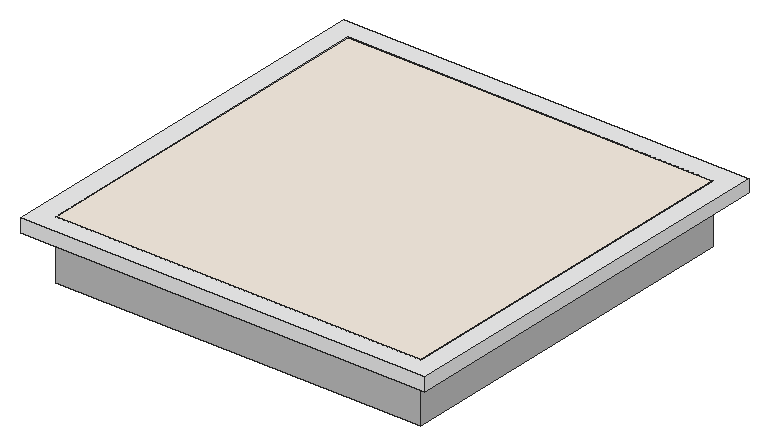
Revit family "Lighting-Terziario-GEWISS-ELIA-PL-LED_INCASSO", category Apparecchi per illuminazione, host Superficie, Revit 2019
Family settings
  Host = Superficie
  Quota connettore circolare = Usa diametro
  Tipo di parte = Normale
  Taglio con vuoti quando caricato = No
  Sorgente d'illuminazione = Sì
  Condiviso = No
  Punto di calcolo locali = Sì
Parameters (values of type "GWF1611NN940 - ELIA PL M3 MICROP.40K DALI CRI90")
  corpo centrale = corpo centrale
  Wattage = 9.2903 W
  Visibilità etichetta [instance] = yes
  Visibilità simbolo [instance] = yes
  Visibilità lampada in pianta [instance] = yes
  Versione file RFA = "20.0"
  Variazione temperatura colore lampada con luminosità attenuata = <Nessuno>
  URL = "https://www.gewiss.com/it/it"
  UGR: = "UGR<19"
  Tipologia sorgente luminosa = "LED - Non sostituibile"
  Tipologia = "Incasso modulare"
  Tipo lampada = "LED"
  Tipo alimentatore = ""
  Tensione = "220-240 V "
  Temperatura di utilizzo = "-20° +45°"
  Temperatura di funzionamento = "-20° +45°"
  Temperatura di colore: = "4000K"
  Temperatura di colore = "4000K"
  built-in parameter 1150107 = 3200 (stored number, unit not read)
  Spostamento_x_effettivo [instance] = 4000 mm - Spostamento_x  # 4000 mm
  Spostamento_x [instance] = 0 mm
  Spostamento_y_effettivo [instance] = 4000 mm - Spostamento_y  # 3300 mm
  Spostamento_y [instance] = 700 mm
  Scheda Tecnica = "https://www.gewiss.com/it/it/search?q=GWF1611NN940"
  SEO = "Incasso modulare"
  SCHERMO LED = SCHERMO LED
  Resistenza agli urti = "IK03"
  Potenza di sistema = "33W"
  Peso (kg): = "2,6"
  Peso (kg) = "2,6"
  built-in parameter 1150110 = 1 (stored number, unit not read)
  built-in parameter 1150109 = 1 (stored number, unit not read)
  built-in parameter 1114218 = 1 (stored number, unit not read)
  built-in parameter 1150112 = 1 (stored number, unit not read)
  POSIZIONE = 80000  # constant formula
  Ottica = "Microprismato"
  built-in parameter 1150137 = (empty or 0)
  built-in parameter 1150132 = (empty or 0)
  Lumen output (lm) = "3300"
  Larghezza lampada = 620 mm
  Lunghezza lampada = 620 mm
  Lampada: = "LED"
  LED Life time (L80B50) = "L80 B50 (Tq25°) = 50.000h"
  built-in parameter 1150105 = 109.82 (stored number, unit not read)
  built-in parameter 1150102 = (empty or 0)
  Installazione = "Incasso modulare"
  built-in parameter 1150106 = 1.0982 (stored number, unit not read)
  Default Elevation = 1219.2 mm
  Produttore = "GEWISS S.p.A."
  Nome quadro [instance] = "330W"
  Modello = "GWF1611NN940"
  L_lampada = 1500 mm
  Immagine tipo = ELIA_PL_q.jpg
  IDT = "4c6a4f10-3f0b-4303-adcc-d543444cbb8d"
  IDF = "6d914e3b-5f92-4411-bf6e-4fbd694a4409"
  Grado di protezione = "IP20 - IP40"
  Garanzia = "5 anni"
  Flusso luminoso in emergenza (lm) = ""
  Lumens = 1380 lm
  Color Filter = 16777215
  File diagramma fotometrico = "GWF1611NN940.IES"
  built-in parameter 1114217 = 1 (stored number, unit not read)
  built-in parameter 1150139 = (empty or 0)
  FORO_CONTROSOFFITTO = 80 mm  # constant formula
  Emit from Line Length = 609.6 mm
  built-in parameter 1150104 = 13.8 (stored number, unit not read)
  Distanza dal host [instance] = 0 mm
  built-in parameter 1150115 = 1 (stored number, unit not read)
  built-in parameter 1150114 = 1 (stored number, unit not read)
  built-in parameter 1150113 = 1 (stored number, unit not read)
  Dimensioni (mm) = "62x62"
  Descrizione = "ELIA PL M3 MICROP.40K DALI CRI90"
  Creato da GEWISS S.p.A. = ""
  built-in parameter 1150134 = 3
  built-in parameter 1150138 = (empty or 0)
  Colore = "Bianco"
  Codice Electrocod = ""
  Codice EAN = ""
  Classe isolamento = "II"
  Classe di efficienza LED integrati = ""
  Catalogo Serie = "ELIA PL"
  Catalogo = "LIGHTING"
  COBie.Tagnumber = ""
  COBie.CreatedOn = ""
  COBie.CreatebBy = ""
  COBie.ComponentRegisterItemID = ""
  COBie.Component.TagNumber = ""
  COBie.Component.Space = ""
  COBie.Component.SerialNumber = ""
  COBie.Component.InstallationDate = ""
  COBie.Component.Description = ""
  COBie.Component.BarCode = ""
  BORDO = BORDO
  Applicazione = "Interno"
  Tilt Angle = -90.00°
  built-in parameter 1150133 = 10 (stored number, unit not read)
Types (48, lengths in mm): name | UGR: | Temperatura di colore: | Temperatura di colore | Scheda Tecnica | Peso (kg): | Peso (kg) | Ottica | Lumen output (lm) | Larghezza lampada | Lunghezza lampada | Modello | Immagine tipo | IDT | File diagramma fotometrico | Dimensioni (mm) | Descrizione
  GWF1611LN830 - ELIA PL M1 MICROP.30K DALI CRI80 | "UGR<19" | "3000K" | "3000K" | "https://www.gewiss.com/it/it/search?q=GWF1611LN830" | "2,4" | "2,4" | "Microprismato" | "3300" | 300 | 1200 | "GWF1611LN830" | ELIA_PL_r.jpg | "72f4d622-981e-4ae0-88c5-de9fbfefd2f9" | "GWF1611LN830.IES" | "30x120" | "ELIA PL M1 MICROP.30K DALI CRI80"
  GWF1611LN930 - ELIA PL M1 MICROP.30K DALI CRI90 | "UGR<19" | "3000K" | "3000K" | "https://www.gewiss.com/it/it/search?q=GWF1611LN930" | "2,4" | "2,4" | "Microprismato" | "3000" | 300 | 1200 | "GWF1611LN930" | ELIA_PL_r.jpg | "b54e74e5-4979-4faa-a3b6-9c298bf6cffa" | "GWF1611LN930.IES" | "30x120" | "ELIA PL M1 MICROP.30K DALI CRI90"
  GWF1610LN830 - ELIA PL M1 MICROP.30K ON/OFF CRI80 | "UGR<19" | "3000K" | "3000K" | "https://www.gewiss.com/it/it/search?q=GWF1610LN830" | "2,4" | "2,4" | "Microprismato" | "3300" | 300 | 1200 | "GWF1610LN830" | ELIA_PL_r.jpg | "239ca7b0-603f-4688-94ad-8681d91ede28" | "GWF1610LN830.IES" | "30x120" | "ELIA PL M1 MICROP.30K ON/OFF CRI80"
  GWF1610LN930 - ELIA PL M1 MICROP.30K ON/OFF CRI90 | "UGR<19" | "3000K" | "3000K" | "https://www.gewiss.com/it/it/search?q=GWF1610LN930" | "2,4" | "2,4" | "Microprismato" | "3000" | 300 | 1200 | "GWF1610LN930" | ELIA_PL_r.jpg | "1c95a2c5-173e-4975-ad23-1c8ec5243fb5" | "GWF1610LN930.IES" | "30x120" | "ELIA PL M1 MICROP.30K ON/OFF CRI90"
  GWF1611LN840 - ELIA PL M1 MICROP.40K DALI CRI80 | "UGR<19" | "4000K" | "4000K" | "https://www.gewiss.com/it/it/search?q=GWF1611LN840" | "2,4" | "2,4" | "Microprismato" | "3600" | 300 | 1200 | "GWF1611LN840" | ELIA_PL_r.jpg | "414879d6-0dc6-45a6-b4b9-da79a268bacd" | "GWF1611LN840.IES" | "30x120" | "ELIA PL M1 MICROP.40K DALI CRI80"
  GWF1611LN940 - ELIA PL M1 MICROP.40K DALI CRI90 | "UGR<19" | "4000K" | "4000K" | "https://www.gewiss.com/it/it/search?q=GWF1611LN940" | "2,4" | "2,4" | "Microprismato" | "3300" | 300 | 1200 | "GWF1611LN940" | ELIA_PL_r.jpg | "2e0798d3-7b3f-41c2-95eb-bf9ff87590b3" | "GWF1611LN940.IES" | "30x120" | "ELIA PL M1 MICROP.40K DALI CRI90"
  GWF1610LN840 - ELIA PL M1 MICROP.40K ON/OFF CRI80 | "UGR<19" | "4000K" | "4000K" | "https://www.gewiss.com/it/it/search?q=GWF1610LN840" | "2,4" | "2,4" | "Microprismato" | "3600" | 300 | 1200 | "GWF1610LN840" | ELIA_PL_r.jpg | "1e2c872c-402b-4521-a7c6-7245e5216dca" | "GWF1610LN840.IES" | "30x120" | "ELIA PL M1 MICROP.40K ON/OFF CRI80"
  GWF1610LN940 - ELIA PL M1 MICROP.40K ON/OFF CRI90 | "UGR<19" | "4000K" | "4000K" | "https://www.gewiss.com/it/it/search?q=GWF1610LN940" | "2,4" | "2,4" | "Microprismato" | "3300" | 300 | 1200 | "GWF1610LN940" | ELIA_PL_r.jpg | "baf633ec-d199-4836-acb8-01535f644f62" | "GWF1610LN940.IES" | "30x120" | "ELIA PL M1 MICROP.40K ON/OFF CRI90"
  GWF1611LA830 - ELIA PL M1 OPAL 30K DALI CRI80 | "UGR<22" | "3000K" | "3000K" | "https://www.gewiss.com/it/it/search?q=GWF1611LA830" | "2,4" | "2,4" | "Opale diffondente" | "3700" | 300 | 1200 | "GWF1611LA830" | ELIA_PL_r.jpg | "4ad70d55-0be2-4fd8-b7ca-ca9dae02b802" | "GWF1611LA830.IES" | "30x120" | "ELIA PL M1 OPAL 30K DALI CRI80"
  GWF1611LA930 - ELIA PL M1 OPAL 30K DALI CRI90 | "UGR<22" | "3000K" | "3000K" | "https://www.gewiss.com/it/it/search?q=GWF1611LA930" | "2,4" | "2,4" | "Opale diffondente" | "3500" | 300 | 1200 | "GWF1611LA930" | ELIA_PL_r.jpg | "e51a4e74-16fc-4510-8e63-cb1554f2a9e1" | "GWF1611LA930.IES" | "30x120" | "ELIA PL M1 OPAL 30K DALI CRI90"
  GWF1610LA830 - ELIA PL M1 OPAL 30K ON/OFF CRI80 | "UGR<22" | "3000K" | "3000K" | "https://www.gewiss.com/it/it/search?q=GWF1610LA830" | "2,4" | "2,4" | "Opale diffondente" | "3700" | 300 | 1200 | "GWF1610LA830" | ELIA_PL_r.jpg | "93844e9d-7361-48ab-9020-5a4103f2c4d9" | "GWF1610LA830.IES" | "30x120" | "ELIA PL M1 OPAL 30K ON/OFF CRI80"
  GWF1610LA930 - ELIA PL M1 OPAL 30K ON/OFF CRI90 | "UGR<22" | "3000K" | "3000K" | "https://www.gewiss.com/it/it/search?q=GWF1610LA930" | "2,4" | "2,4" | "Opale diffondente" | "3500" | 300 | 1200 | "GWF1610LA930" | ELIA_PL_r.jpg | "d9c1a0fb-2941-493d-b902-7216f29dd99e" | "GWF1610LA930.IES" | "30x120" | "ELIA PL M1 OPAL 30K ON/OFF CRI90"
  GWF1611LA840 - ELIA PL M1 OPAL 40K DALI CRI80 | "UGR<22" | "4000K" | "4000K" | "https://www.gewiss.com/it/it/search?q=GWF1611LA840" | "2,4" | "2,4" | "Opale diffondente" | "3900" | 300 | 1200 | "GWF1611LA840" | ELIA_PL_r.jpg | "b505003b-30bf-4abe-bc16-d34724f793d9" | "GWF1611LA840.IES" | "30x120" | "ELIA PL M1 OPAL 40K DALI CRI80"
  GWF1611LA940 - ELIA PL M1 OPAL 40K DALI CRI90 | "UGR<22" | "4000K" | "4000K" | "https://www.gewiss.com/it/it/search?q=GWF1611LA940" | "2,4" | "2,4" | "Opale diffondente" | "3700" | 300 | 1200 | "GWF1611LA940" | ELIA_PL_r.jpg | "bd5ba0be-baad-4d03-a326-da1e8e31ecf8" | "GWF1611LA940.IES" | "30x120" | "ELIA PL M1 OPAL 40K DALI CRI90"
  GWF1610LA840 - ELIA PL M1 OPAL 40K ON/OFF CRI80 | "UGR<22" | "4000K" | "4000K" | "https://www.gewiss.com/it/it/search?q=GWF1610LA840" | "2,4" | "2,4" | "Opale diffondente" | "3900" | 300 | 1200 | "GWF1610LA840" | ELIA_PL_r.jpg | "1862d7c5-ebea-42a6-9366-bfffa14f0432" | "GWF1610LA840.IES" | "30x120" | "ELIA PL M1 OPAL 40K ON/OFF CRI80"
  GWF1610LA940 - ELIA PL M1 OPAL 40K ON/OFF CRI90 | "UGR<22" | "4000K" | "4000K" | "https://www.gewiss.com/it/it/search?q=GWF1610LA940" | "2,4" | "2,4" | "Opale diffondente" | "3700" | 300 | 1200 | "GWF1610LA940" | ELIA_PL_r.jpg | "5bad5249-5187-4a35-ac2a-e2be86f79325" | "GWF1610LA940.IES" | "30x120" | "ELIA PL M1 OPAL 40K ON/OFF CRI90"
  GWF1611MN830 - ELIA PL M2 MICROP.30K DALI CRI80 | "UGR<19" | "3000K" | "3000K" | "https://www.gewiss.com/it/it/search?q=GWF1611MN830" | "2,4" | "2,4" | "Microprismato" | "3300" | 595 | 595 | "GWF1611MN830" | ELIA_PL_q.jpg | "29422a00-ea95-4e48-9cbf-6c19c1753368" | "GWF1611MN830.IES" | "60x60" | "ELIA PL M2 MICROP.30K DALI CRI80"
  GWF1611MN930 - ELIA PL M2 MICROP.30K DALI CRI90 | "UGR<19" | "3000K" | "3000K" | "https://www.gewiss.com/it/it/search?q=GWF1611MN930" | "2,4" | "2,4" | "Microprismato" | "3000" | 595 | 595 | "GWF1611MN930" | ELIA_PL_q.jpg | "8e3fa227-acc7-480c-879b-7400b2442bef" | "GWF1611MN930.IES" | "60x60" | "ELIA PL M2 MICROP.30K DALI CRI90"
  GWF1610MN830 - ELIA PL M2 MICROP.30K ON/OFF CRI80 | "UGR<19" | "3000K" | "3000K" | "https://www.gewiss.com/it/it/search?q=GWF1610MN830" | "2,4" | "2,4" | "Microprismato" | "3300" | 595 | 595 | "GWF1610MN830" | ELIA_PL_q.jpg | "373a32ed-ca14-4b80-8334-d80a2d86ae7f" | "GWF1610MN830.IES" | "60x60" | "ELIA PL M2 MICROP.30K ON/OFF CRI80"
  GWF1610MN930 - ELIA PL M2 MICROP.30K ON/OFF CRI90 | "UGR<19" | "3000K" | "3000K" | "https://www.gewiss.com/it/it/search?q=GWF1610MN930" | "2,4" | "2,4" | "Microprismato" | "3000" | 595 | 595 | "GWF1610MN930" | ELIA_PL_q.jpg | "eb99a13a-b418-4e6d-b133-7066e25f8cd8" | "GWF1610MN930.IES" | "60x60" | "ELIA PL M2 MICROP.30K ON/OFF CRI90"
  GWF1611MN840 - ELIA PL M2 MICROP.40K DALI CRI80 | "UGR<19" | "4000K" | "4000K" | "https://www.gewiss.com/it/it/search?q=GWF1611MN840" | "2,4" | "2,4" | "Microprismato" | "3600" | 595 | 595 | "GWF1611MN840" | ELIA_PL_q.jpg | "33e10070-ff3e-43ae-8ed2-ea2ef82bf21b" | "GWF1611MN840.IES" | "60x60" | "ELIA PL M2 MICROP.40K DALI CRI80"
  GWF1611MN940 - ELIA PL M2 MICROP.40K DALI CRI90 | "UGR<19" | "4000K" | "4000K" | "https://www.gewiss.com/it/it/search?q=GWF1611MN940" | "2,4" | "2,4" | "Microprismato" | "3300" | 595 | 595 | "GWF1611MN940" | ELIA_PL_q.jpg | "c4282719-94c9-4945-81b5-5dc029ffe762" | "GWF1611MN940.IES" | "60x60" | "ELIA PL M2 MICROP.40K DALI CRI90"
  GWF1610MN840 - ELIA PL M2 MICROP.40K ON/OFF CRI80 | "UGR<19" | "4000K" | "4000K" | "https://www.gewiss.com/it/it/search?q=GWF1610MN840" | "2,4" | "2,4" | "Microprismato" | "3600" | 595 | 595 | "GWF1610MN840" | ELIA_PL_q.jpg | "304969b9-e344-4408-b80f-27013b0ff480" | "GWF1610MN840.IES" | "60x60" | "ELIA PL M2 MICROP.40K ON/OFF CRI80"
  GWF1610MN940 - ELIA PL M2 MICROP.40K ON/OFF CRI90 | "UGR<19" | "4000K" | "4000K" | "https://www.gewiss.com/it/it/search?q=GWF1610MN940" | "2,4" | "2,4" | "Microprismato" | "3300" | 595 | 595 | "GWF1610MN940" | ELIA_PL_q.jpg | "48061c24-8761-4d9e-a68d-76bfc5d48871" | "GWF1610MN940.IES" | "60x60" | "ELIA PL M2 MICROP.40K ON/OFF CRI90"
  GWF1611MA830 - ELIA PL M2 OPAL 30K DALI CRI80 | "UGR<22" | "3000K" | "3000K" | "https://www.gewiss.com/it/it/search?q=GWF1611MA830" | "2,4" | "2,4" | "Opale diffondente" | "3700" | 595 | 595 | "GWF1611MA830" | ELIA_PL_q.jpg | "0c5c66cf-1c39-4096-be7c-629be3418d8e" | "GWF1611MA830.IES" | "60x60" | "ELIA PL M2 OPAL 30K DALI CRI80"
  GWF1611MA930 - ELIA PL M2 OPAL 30K DALI CRI90 | "UGR<22" | "3000K" | "3000K" | "https://www.gewiss.com/it/it/search?q=GWF1611MA930" | "2,4" | "2,4" | "Opale diffondente" | "3500" | 595 | 595 | "GWF1611MA930" | ELIA_PL_q.jpg | "f6471e64-8b34-4daf-b789-72f04abd1c83" | "GWF1611MA930.IES" | "60x60" | "ELIA PL M2 OPAL 30K DALI CRI90"
  GWF1610MA830 - ELIA PL M2 OPAL 30K ON/OFF CRI80 | "UGR<22" | "3000K" | "3000K" | "https://www.gewiss.com/it/it/search?q=GWF1610MA830" | "2,4" | "2,4" | "Opale diffondente" | "3700" | 595 | 595 | "GWF1610MA830" | ELIA_PL_q.jpg | "b2132027-b4b1-423d-9ecb-a7caea165830" | "GWF1610MA830.IES" | "60x60" | "ELIA PL M2 OPAL 30K ON/OFF CRI80"
  GWF1610MA930 - ELIA PL M2 OPAL 30K ON/OFF CRI90 | "UGR<22" | "3000K" | "3000K" | "https://www.gewiss.com/it/it/search?q=GWF1610MA930" | "2,4" | "2,4" | "Opale diffondente" | "3500" | 595 | 595 | "GWF1610MA930" | ELIA_PL_q.jpg | "a431a7ae-3c86-40cb-b37e-4ddfee569faf" | "GWF1610MA930.IES" | "60x60" | "ELIA PL M2 OPAL 30K ON/OFF CRI90"
  GWF1611MA840 - ELIA PL M2 OPAL 40K DALI CRI80 | "UGR<22" | "4000K" | "4000K" | "https://www.gewiss.com/it/it/search?q=GWF1611MA840" | "2,4" | "2,4" | "Opale diffondente" | "3900" | 595 | 595 | "GWF1611MA840" | ELIA_PL_q.jpg | "2c500c10-09f1-4675-bd35-e6c85fcca262" | "GWF1611MA840.IES" | "60x60" | "ELIA PL M2 OPAL 40K DALI CRI80"
  GWF1611MA940 - ELIA PL M2 OPAL 40K DALI CRI90 | "UGR<22" | "4000K" | "4000K" | "https://www.gewiss.com/it/it/search?q=GWF1611MA940" | "2,4" | "2,4" | "Opale diffondente" | "3700" | 595 | 595 | "GWF1611MA940" | ELIA_PL_q.jpg | "6d9e56b5-60ce-4c2a-9945-a7c7a4c06405" | "GWF1611MA940.IES" | "60x60" | "ELIA PL M2 OPAL 40K DALI CRI90"
  GWF1610MA840 - ELIA PL M2 OPAL 40K ON/OFF CRI80 | "UGR<22" | "4000K" | "4000K" | "https://www.gewiss.com/it/it/search?q=GWF1610MA840" | "2,4" | "2,4" | "Opale diffondente" | "3900" | 595 | 595 | "GWF1610MA840" | ELIA_PL_q.jpg | "e7eb32b0-b570-4310-9d56-3c2f33de6847" | "GWF1610MA840.IES" | "60x60" | "ELIA PL M2 OPAL 40K ON/OFF CRI80"
  GWF1610MA940 - ELIA PL M2 OPAL 40K ON/OFF CRI90 | "UGR<22" | "4000K" | "4000K" | "https://www.gewiss.com/it/it/search?q=GWF1610MA940" | "2,4" | "2,4" | "Opale diffondente" | "3700" | 595 | 595 | "GWF1610MA940" | ELIA_PL_q.jpg | "de7c1e84-9403-4741-a9bc-92560b0f54f1" | "GWF1610MA940.IES" | "60x60" | "ELIA PL M2 OPAL 40K ON/OFF CRI90"
  GWF1611NN830 - ELIA PL M3 MICROP.30K DALI CRI80 | "UGR<19" | "3000K" | "3000K" | "https://www.gewiss.com/it/it/search?q=GWF1611NN830" | "2,6" | "2,6" | "Microprismato" | "3300" | 620 | 620 | "GWF1611NN830" | ELIA_PL_q.jpg | "76368688-5856-476a-92fc-f771424461fc" | "GWF1611NN830.IES" | "62x62" | "ELIA PL M3 MICROP.30K DALI CRI80"
  GWF1611NN930 - ELIA PL M3 MICROP.30K DALI CRI90 | "UGR<19" | "3000K" | "3000K" | "https://www.gewiss.com/it/it/search?q=GWF1611NN930" | "2,6" | "2,6" | "Microprismato" | "3000" | 620 | 620 | "GWF1611NN930" | ELIA_PL_q.jpg | "33bfe313-523a-41dd-862c-179d3670d387" | "GWF1611NN930.IES" | "62x62" | "ELIA PL M3 MICROP.30K DALI CRI90"
  GWF1610NN830 - ELIA PL M3 MICROP.30K ON/OFF CRI80 | "UGR<19" | "3000K" | "3000K" | "https://www.gewiss.com/it/it/search?q=GWF1610NN830" | "2,6" | "2,6" | "Microprismato" | "3300" | 620 | 620 | "GWF1610NN830" | ELIA_PL_q.jpg | "86a05f65-31a8-4dde-bb9e-172dc8ff2bd3" | "GWF1610NN830.IES" | "62x62" | "ELIA PL M3 MICROP.30K ON/OFF CRI80"
  GWF1610NN930 - ELIA PL M3 MICROP.30K ON/OFF CRI90 | "UGR<19" | "3000K" | "3000K" | "https://www.gewiss.com/it/it/search?q=GWF1610NN930" | "2,6" | "2,6" | "Microprismato" | "3000" | 620 | 620 | "GWF1610NN930" | ELIA_PL_q.jpg | "a5707610-e8b3-4c17-be2b-9db312c1f995" | "GWF1610NN930.IES" | "62x62" | "ELIA PL M3 MICROP.30K ON/OFF CRI90"
  GWF1611NN840 - ELIA PL M3 MICROP.40K DALI CRI80 | "UGR<19" | "4000K" | "4000K" | "https://www.gewiss.com/it/it/search?q=GWF1611NN840" | "2,6" | "2,6" | "Microprismato" | "3600" | 620 | 620 | "GWF1611NN840" | ELIA_PL_q.jpg | "9a027a83-1a6e-4927-88b4-568cd87b3771" | "GWF1611NN840.IES" | "62x62" | "ELIA PL M3 MICROP.40K DALI CRI80"
  GWF1611NN940 - ELIA PL M3 MICROP.40K DALI CRI90 | "UGR<19" | "4000K" | "4000K" | "https://www.gewiss.com/it/it/search?q=GWF1611NN940" | "2,6" | "2,6" | "Microprismato" | "3300" | 620 | 620 | "GWF1611NN940" | ELIA_PL_q.jpg | "4c6a4f10-3f0b-4303-adcc-d543444cbb8d" | "GWF1611NN940.IES" | "62x62" | "ELIA PL M3 MICROP.40K DALI CRI90"
  GWF1610NN840 - ELIA PL M3 MICROP.40K ON/OFF CRI80 | "UGR<19" | "4000K" | "4000K" | "https://www.gewiss.com/it/it/search?q=GWF1610NN840" | "2,6" | "2,6" | "Microprismato" | "3600" | 620 | 620 | "GWF1610NN840" | ELIA_PL_q.jpg | "f0d83fc6-37d6-464d-b488-08387b08e137" | "GWF1610NN840.IES" | "62x62" | "ELIA PL M3 MICROP.40K ON/OFF CRI80"
  GWF1610NN940 - ELIA PL M3 MICROP.40K ON/OFF CRI90 | "UGR<19" | "4000K" | "4000K" | "https://www.gewiss.com/it/it/search?q=GWF1610NN940" | "2,6" | "2,6" | "Microprismato" | "3300" | 620 | 620 | "GWF1610NN940" | ELIA_PL_q.jpg | "4586a2ad-c6e5-4fe2-9873-58c92d4889d3" | "GWF1610NN940.IES" | "62x62" | "ELIA PL M3 MICROP.40K ON/OFF CRI90"
  GWF1611NA830 - ELIA PL M3 OPAL 30K DALI CRI80 | "UGR<22" | "3000K" | "3000K" | "https://www.gewiss.com/it/it/search?q=GWF1611NA830" | "2,6" | "2,6" | "Opale diffondente" | "3700" | 620 | 620 | "GWF1611NA830" | ELIA_PL_q.jpg | "b16aec0e-f6e6-4c77-897c-bb40db5f34a1" | "GWF1611NA830.IES" | "62x62" | "ELIA PL M3 OPAL 30K DALI CRI80"
  GWF1611NA930 - ELIA PL M3 OPAL 30K DALI CRI90 | "UGR<22" | "3000K" | "3000K" | "https://www.gewiss.com/it/it/search?q=GWF1611NA930" | "2,6" | "2,6" | "Opale diffondente" | "3500" | 620 | 620 | "GWF1611NA930" | ELIA_PL_q.jpg | "ed00aff2-944a-4a55-bfaf-1efd7fd60006" | "GWF1611NA930.IES" | "62x62" | "ELIA PL M3 OPAL 30K DALI CRI90"
  GWF1610NA830 - ELIA PL M3 OPAL 30K ON/OFF CRI80 | "UGR<22" | "3000K" | "3000K" | "https://www.gewiss.com/it/it/search?q=GWF1610NA830" | "2,6" | "2,6" | "Opale diffondente" | "3700" | 620 | 620 | "GWF1610NA830" | ELIA_PL_q.jpg | "4a25b14f-6080-427f-996c-f431e0b43214" | "GWF1610NA830.IES" | "62x62" | "ELIA PL M3 OPAL 30K ON/OFF CRI80"
  GWF1610NA930 - ELIA PL M3 OPAL 30K ON/OFF CRI90 | "UGR<22" | "3000K" | "3000K" | "https://www.gewiss.com/it/it/search?q=GWF1610NA930" | "2,6" | "2,6" | "Opale diffondente" | "3500" | 620 | 620 | "GWF1610NA930" | ELIA_PL_q.jpg | "fbf1d06a-4622-4ac4-926d-4b5ae89b6356" | "GWF1610NA930.IES" | "62x62" | "ELIA PL M3 OPAL 30K ON/OFF CRI90"
  GWF1611NA840 - ELIA PL M3 OPAL 40K DALI CRI80 | "UGR<22" | "4000K" | "4000K" | "https://www.gewiss.com/it/it/search?q=GWF1611NA840" | "2,6" | "2,6" | "Opale diffondente" | "3900" | 620 | 620 | "GWF1611NA840" | ELIA_PL_q.jpg | "ed6d264c-9c88-43ee-b20c-15e85c197240" | "GWF1611NA840.IES" | "62x62" | "ELIA PL M3 OPAL 40K DALI CRI80"
  GWF1611NA940 - ELIA PL M3 OPAL 40K DALI CRI90 | "UGR<22" | "4000K" | "4000K" | "https://www.gewiss.com/it/it/search?q=GWF1611NA940" | "2,6" | "2,6" | "Opale diffondente" | "3700" | 620 | 620 | "GWF1611NA940" | ELIA_PL_q.jpg | "64b22bf4-2d1b-4230-a78f-b198f8cd51d9" | "GWF1611NA940.IES" | "62x62" | "ELIA PL M3 OPAL 40K DALI CRI90"
  GWF1610NA840 - ELIA PL M3 OPAL 40K ON/OFF CRI80 | "UGR<22" | "4000K" | "4000K" | "https://www.gewiss.com/it/it/search?q=GWF1610NA840" | "2,6" | "2,6" | "Opale diffondente" | "3900" | 620 | 620 | "GWF1610NA840" | ELIA_PL_q.jpg | "55fae590-87b0-49d6-9be5-2232071cd261" | "GWF1610NA840.IES" | "62x62" | "ELIA PL M3 OPAL 40K ON/OFF CRI80"
  GWF1610NA940 - ELIA PL M3 OPAL 40K ON/OFF CRI90 | "UGR<22" | "4000K" | "4000K" | "https://www.gewiss.com/it/it/search?q=GWF1610NA940" | "2,6" | "2,6" | "Opale diffondente" | "3700" | 620 | 620 | "GWF1610NA940" | ELIA_PL_q.jpg | "e57ce36d-8748-4b72-b1c7-6af6fb021313" | "GWF1610NA940.IES" | "62x62" | "ELIA PL M3 OPAL 40K ON/OFF CRI90"
Reference planes
  plane 1 "Centro (Fronte/Retro)": y = 0
  plane 2: z = 0
  plane 3 "Centro (Sinistra/Destra)": x = 0
  plane 4: x = -4000
  plane 5: x = 0
  plane 6: x = 0
  plane 7: z = 1200
  plane 8: y = -4000
  plane 9: y = -700
  plane 10: x = -310
  plane 11: y = -310
  plane 12: x = 310
  plane 13: y = 310
  plane 14: z = -80
  plane 15: through (484.286, -410.182, 1219.2) normal (-0.5299, -0.848, 0)
  plane 16: through (-523.043, -410.182, 1219.2) normal (-0.866, 0.5, 0)
  plane 17: through (-493.043, 567.147, 1219.2) normal (0.309, 0.9511, 0)
  plane 18: through (454.286, 567.147, 1219.2) normal (0.9848, -0.1736, 0)
  plane 19: y = -247.252
  plane 20: y = -305.509
  plane 21: y = -363.766
Forms (mm)
  Extrusion 1, void
    sketch origin (0, 0, 0) x (1, 0, 0) y (0, 1, 0)
      loop
        line (-310, 310) -> (-310, -310) -> (310, -310) -> (310, 310) -> (-310, 310)
    from -80 to 0
Text (mm)
  text "N=C*V" at (704.329, 1512.981, 0), in view "Livello rif."
Dimensions and locks
  plane 4 to plane 3 "Centro (Sinistra/Destra)" = 4000 mm  (x2)
  "Spostamento_x_effettivo": plane 4 to plane 5
  "Spostamento_x_effettivo": plane 6 to plane 4
  plane 7 to plane 2 = 1200 mm
  "Spostamento_y_effettivo": plane 9 to plane 8
  plane 1 "Centro (Fronte/Retro)" to plane 8 = 4000 mm
  equal spacing: plane 10, plane 3 "Centro (Sinistra/Destra)", plane 12
  equal spacing: plane 13, plane 1 "Centro (Fronte/Retro)", plane 11
  "FORO_CONTROSOFFITTO": level to plane 14
  "Larghezza lampada": plane 10 to plane 12
  "Lunghezza lampada": plane 13 to plane 11
  equal spacing: plane 19, plane 20, plane 21
  nested 4 to plane 13 = 250.182 mm
  angle plane 15 to plane 17 = 14.00°
  angle plane 16 to plane 17 = 102.00°
  angle plane 17 to nested 3 = 18.00°
  angle plane 18 to plane 15 = 68.00°  (x2)
  aligned and locked: plane 2 to host face
  aligned and locked: level to host face
  aligned and locked: nested 2 to plane 1 "Centro (Fronte/Retro)"
  aligned and locked: Extrusion 1 sketch curve to plane 10
  aligned and locked: Extrusion 1 sketch curve to plane 13
  aligned and locked: Extrusion 1 sketch curve to plane 12
  aligned and locked: Extrusion 1 sketch curve to plane 11
  aligned and locked: level to Extrusion 1
  aligned and locked: Extrusion 1 to plane 14
  aligned and locked: plane 3 "Centro (Sinistra/Destra)" to nested 3
  aligned and locked: plane 6 to nested 1
  aligned and locked: nested 3 to plane 1 "Centro (Fronte/Retro)"
  aligned and locked: nested 1 to plane 9
  aligned and locked: plane 6 to nested 4
Automatic sketch dimensions
  host sketch curve to host sketch curve = 2438.4 mm  (x2)
Nested families
  nested 1: "Etichetta light" at (0, -700, 0), visible <- "Visibilità etichetta", type "Etichetta light"
  nested 2: "SIMB_2D" at (0, 0, 110.443) x (0, 0, 1) z (1, 0, 0), visible <- "Visibilità simbolo", type "SIMB_2D"
  nested 3: "Elia WL base" at (0, 0, 0) x (1, 0, 0) z (0, 0, -1), visible <- "Visibilità lampada in pianta", type "Elia PL base"
    with Lunghezza 620 mm, Larghezza 620 mm
  nested 4: "SIMB_2D" at (0, 760.791, 0), visible <- "Visibilità simbolo", type "SIMB_2D"
Definition of nested family "Elia WL base"
  Parameters (values of type "Elia PL base")
    sp_bordo = 9 mm  # constant formula
    posiz_3 = 2  # constant formula
    posiz2 = 1  # constant formula
    posiz = "A=b"
    diametro lampada = 45 mm
    SCHERMO LED = none
    Default Elevation = 1219.2 mm
    Lunghezza = 968.572 mm
    Larghezza = 820.364 mm
    L_lampada = 1500 mm
    H_SCOCCA = 70.705 mm
    Corpo centrale = none
    Bordo = 30 mm
    BORDO = none
  Reference planes
    plane 1 "Centro (Fronte/Retro)": y = 0
    plane 2: z = 0
    plane 3 "Centro (Sinistra/Destra)": x = 0
    plane 4: z = 9
    plane 5: x = -484.286
    plane 6: y = -410.182
    plane 7: x = 484.286
    plane 8: y = 410.182
    plane 9: x = -454.286
    plane 10: y = 380.182
    plane 11: x = 454.286
    plane 12: y = -380.182
    plane 13: z = 90.705
    plane 14: through (-401.838, -155.306, 1200) normal (0.766, 0.6428, 0)
    plane 15: through (447.234, 447.234, 1200) normal (-0.7071, -0.7071, 0)
  Forms (mm)
    Extrusion 1, solid, material <- "BORDO"
      sketch origin (0, 0, 0) x (1, 0, 0) y (0, 1, 0)
        loop
          line (-484.286, 410.182) -> (-484.286, -410.182) -> (484.286, -410.182) -> (484.286, 410.182) -> (-484.286, 410.182)
        loop
          line (-454.286, 380.182) -> (-454.286, -380.182) -> (454.286, -380.182) -> (454.286, 380.182) -> (-454.286, 380.182)
      from 0 to 20
    Extrusion 2, solid, material <- "Corpo centrale"
      sketch origin (0, 0, 0) x (1, 0, 0) y (0, 1, 0)
        loop
          line (-454.286, 380.182) -> (-454.286, -380.182) -> (454.286, -380.182) -> (454.286, 380.182) -> (-454.286, 380.182)
      from 20 to 90.705
    Extrusion 3, solid, material <- "SCHERMO LED"
      sketch origin (0, 0, 0) x (1, 0, 0) y (0, 1, 0)
        loop
          line (-454.286, 380.182) -> (-454.286, -380.182) -> (454.286, -380.182) -> (454.286, 380.182) -> (-454.286, 380.182)
      from 0 to 9
  Text (mm)
    text "A=B*C" at (-489.712, -178.321, 0), in view "Livello rif."
    text "A=B*C" at (-129.701, -394.637, 0), in view "Livello rif."
  Dimensions and locks
    equal spacing: plane 5, plane 3 "Centro (Sinistra/Destra)", plane 7
    equal spacing: plane 8, plane 1 "Centro (Fronte/Retro)", plane 6
    "Bordo": plane 12 to plane 6
    "Bordo": plane 11 to plane 7
    "Bordo": plane 8 to plane 10
    "Bordo": plane 5 to plane 9
    "Lunghezza": plane 5 to plane 7
    "Larghezza": plane 8 to plane 6
    "sp_bordo": plane 4 to plane 2
    "H_SCOCCA": plane 13 to Extrusion 1
    plane 13 to plane 4 = 81.705 mm
    angle plane 7 to plane 15 = 45.00°
    angle plane 15 to plane 8 = 45.00°
    angle plane 14 to plane 12 = 50.00°
    angle plane 3 "Centro (Sinistra/Destra)" to plane 14 = 40.00°
    aligned and locked: level to plane 2
    aligned and locked: Extrusion 1 sketch curve to plane 8
    aligned and locked: Extrusion 1 sketch curve to plane 5
    aligned and locked: Extrusion 1 sketch curve to plane 6
    aligned and locked: Extrusion 1 sketch curve to plane 7
    aligned and locked: Extrusion 1 sketch curve to plane 10
    aligned and locked: Extrusion 1 sketch curve to plane 9
    aligned and locked: Extrusion 1 sketch curve to plane 12
    aligned and locked: Extrusion 1 sketch curve to plane 11
    aligned and locked: Extrusion 2 sketch curve to plane 9
    aligned and locked: Extrusion 2 sketch curve to plane 12
    aligned and locked: Extrusion 2 sketch curve to plane 11
    aligned and locked: Extrusion 2 sketch curve to plane 10
    aligned and locked: Extrusion 2 to plane 13
    aligned and locked: Extrusion 2 to Extrusion 1
    aligned and locked: Extrusion 3 sketch curve to plane 9
    aligned and locked: Extrusion 3 sketch curve to plane 10
    aligned and locked: Extrusion 3 sketch curve to plane 12
    aligned and locked: Extrusion 3 sketch curve to plane 11
    aligned and locked: plane 4 to Extrusion 3
Definition of nested family "Etichetta light"
  Parameters (values of type "ETICHETTA LIGHT")
    COMMENTI = "330W"
  Reference planes
    plane 1: y = 0
    plane 2: x = 0
  Text (mm)
    label "COMMENTI" at (-0.057, 0.105, 0), shows "COMMENTI"
Definition of nested family "SIMB_2D"
  Reference planes
    plane 1 "Centro (Fronte/Retro)": y = 0
    plane 2: z = 0
    plane 3 "Centro (Sinistra/Destra)": x = 0
  Lines and regions (mm)
    model lines, in view "Livello rif."
      curve 1: line (40.061, -50.885, 0) -> (-61.536, -0.304, 0)
      curve 2: line (-61.536, -0.304, 0) -> (40.061, 50.885, 0)
      curve 3: line (40.061, 50.885, 0) -> (40.061, -50.885, 0)
      curve 4: line (-61.536, 50.581, 0) -> (-61.536, -51.189, 0)
      curve 5: line (-123.556, -0.304, 0) -> (-61.536, -0.304, 0)
      curve 6: line (40.061, 0, 0) -> (106.558, 0, 0)
      curve 7: line (189.411, 200, 0) -> (189.411, -200.609, 0)
      curve 8: line (189.411, -200.609, 0) -> (-211.197, -200.609, 0)
      curve 9: line (-211.197, -200.609, 0) -> (-211.197, 200, 0)
      curve 10: line (-211.197, 200, 0) -> (189.411, 200, 0)
      curve 11: line (-161.032, -0.304, 0) -> (-161.032, 149.835, 0)
      curve 12: line (-161.032, 149.835, 0) -> (139.246, 149.835, 0)
      curve 13: line (139.246, 149.835, 0) -> (139.246, -150.444, 0)
      curve 14: line (139.246, -150.444, 0) -> (-161.032, -150.444, 0)
      curve 15: line (-161.032, -150.444, 0) -> (-161.032, -0.304, 0)
